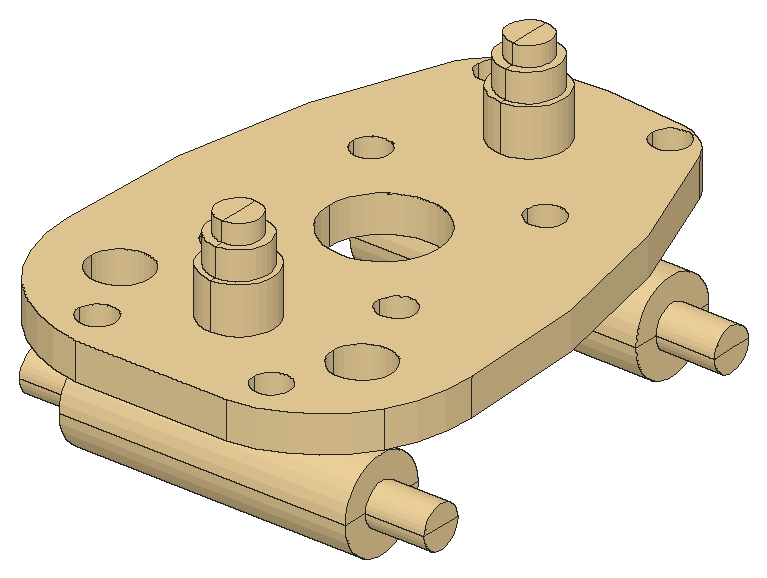
Revit family "Diverter_Rough_In Valve-American_Standard-Flash-RU531_Series", category Pipe Accessories, host Face, Revit 2019
Family settings
  Host = Face
  Round Connector Dimension = Use Diameter
  Part Type = Normal
  OmniClass Number = 23.65.55.14
  OmniClass Title = Valves for Liquid Services
  Cut with Voids When Loaded = No
  Shared = Yes
Parameters (values of type "RU531 (Discrete)")
  Width = 4 7/8"
  Waste Connection = no
  WFU = 4  # constant formula
  Vent Connection = no
  URL = "https://www.americanstandard-us.com/"
  Type Comments = ""
  Product Page URL = "https://www.americanstandard-us.com/Pressure-Balance-Valves-and-Trims/Flash-3-Way-Integrated-Shower-Diverter-Rough-In-Valve-with-Pressure-Balance-Valve-Cartridge/NO-FINISH-RU531"
  Product Documentation Link = "https://americanstandard.box.com/shared/static/fvqsz4k6phqzeudrjvp9q60ltwubug4h.pdf"
  Outlet Connection Diameter = 1/2"  # constant formula
  Model = "RU531 (Discrete)"
  Material = "Metal-American Standard-Brass"
  Manufacturer = "American Standard"
  Installation Type = "Recessed Wall Mounted"
  Inlet Connection Diameter = 1/2"  # constant formula
  HWFU = 3  # constant formula
  HW Connection = yes
  Finish = Metal-American Standard-Brass
  Description = "Flash® 3-Way Integrated Shower Diverter Rough-In Valve with Pressure Balance Valve Cartridge"
  Default Elevation = 0"
  Creation Date = "10/05/2022"  # constant formula
  Compliance Certifications = "These products meet or exceed the following codes and standards: ASSE 101, ASME A112.18.1, CSA B125.1"
  CWFU = 3  # constant formula
  CW Connection = yes
  Assembly Code = "D2020"
  ADA Compliant = yes
  2-Way Shared cartridge #M970720-0070A (sold separately) = no
Types (3): name | Type Comments | Model | 2-Way Shared cartridge #M970720-0070A (sold separately)
  (no name) | "" | "RU531 (Discrete)" | no
  RU531 (Discrete) | "" | "RU531 (Discrete)" | no
  RU531 (Shared) | "Note: Shared functionality requires the RU531 rough valve, plus the 3-Way Shared cartridge #M970730-0070A (sold separately)" | "RU531 (Shared)" | yes
Reference planes (in)
  plane 1 "Center (Front/Back)": y = 0
  plane 2: z = 0
  plane 3 "Center (Left/Right)": x = 0
  plane 4: z = 0
  plane 5: z = -1.4375
  plane 6: x = -2.4375
  plane 7: x = 2.4375
  plane 8: y = 2.1875
  plane 9: y = -2.1875
Forms (in)
  Extrusion 1, solid, material "Metal-American Standard-Brass" <- "Finish"
    sketch origin (0, 0, 0) x (1, 0, 0) y (0, 1, 0)
      loop
        arc (-1.47584, 2.91771) -> (-2.23977, 0.65735) -> (-2.4375, -1.72041) r 9.84503
        arc (-2.4375, -1.72041) -> (-2.37952, -2.23271) -> (-2.18137, -2.70867) r 1.83566
        arc (-2.18137, -2.70867) -> (-1.64194, -3.26071) -> (-0.9093, -3.50355) r 1.63388
        arc (-0.9093, -3.50355) -> (0, -3.54067) -> (0.9093, -3.50355) r 11.15548
        arc (0.9093, -3.50355) -> (1.64194, -3.26071) -> (2.18137, -2.70867) r 1.63388
        arc (2.18137, -2.70867) -> (2.37952, -2.23271) -> (2.4375, -1.72041) r 1.83566
        arc (2.4375, -1.72041) -> (2.23998, 0.65634) -> (1.47674, 2.91585) r 9.84503
        arc (1.47674, 2.91585) -> (1.26449, 3.17216) -> (0.95673, 3.29876) r 0.6875
        arc (0.95673, 3.29876) -> (0.0013, 3.36906) -> (-0.95428, 3.30082) r 6.62478
        arc (-0.95428, 3.30082) -> (-1.26294, 3.17445) -> (-1.47584, 2.91771) r 0.6877
      loop
        circle (-1.05245, 3.00372) r 0.2214
      loop
        circle (1.05245, 3.00372) r 0.2214
      loop
        circle (-1.05245, 1.12146) r 0.2214
      loop
        circle (1.05245, 1.12146) r 0.2214
      loop
        circle (-1.05245, -3.00372) r 0.2214
      loop
        circle (1.05245, -3.00372) r 0.2214
      loop
        circle (-1.05245, -1.12146) r 0.2214
      loop
        circle (1.05245, -1.12146) r 0.2214
      loop
        circle (1.45844, -2.14745) r 0.35818
      loop
        circle (-1.45844, -2.14745) r 0.35818
      loop
        circle (0, 0) r 0.66537
    from -0.46272 to -0.02008
  Revolve 2, solid, material "Metal-American Standard-Brass" <- "Finish"
    sketch origin (0, 0, -1.4375) x (1, 0, 0) y (0, 1, 0)
      loop
        line (-2.4375, 2.1875) -> (2.4375, 2.1875) -> (2.4375, 2.4375) -> (1.72255, 2.4375) -> (1.72255, 2.73315) -> (-1.72255, 2.73315) -> (-1.72255, 2.4375) -> (-2.4375, 2.4375) -> (-2.4375, 2.1875)
      axis (-2.4375, 2.1875) -> (2.4375, 2.1875)
    angle from 0 to 360
  Revolve 3, solid, material "Metal-American Standard-Brass" <- "Finish"
    sketch origin (0, -4.375, -1.4375) x (1, 0, 0) y (0, 1, 0)
      loop
        line (-2.4375, 2.1875) -> (2.4375, 2.1875) -> (2.4375, 2.4375) -> (1.72255, 2.4375) -> (1.72255, 2.73315) -> (-1.72255, 2.73315) -> (-1.72255, 2.4375) -> (-2.4375, 2.4375) -> (-2.4375, 2.1875)
      axis (-2.4375, 2.1875) -> (2.4375, 2.1875)
    angle from 0 to 360
  Revolve 4, solid, material "Metal-American Standard-Brass" <- "Finish"
    sketch origin (0, 2.1875, -1.5) x (0, 0, -1) y (0, 1, 0)
      loop
        line (-2.62246, 0) -> (-0.0625, 0) -> (-0.0625, 0.21097) -> (-1.5, 0.21097) -> (-1.5, 0.42194) -> (-2.05614, 0.42194) -> (-2.05614, 0.34947) -> (-2.39179, 0.34947) -> (-2.39179, 0.25) -> (-2.62246, 0.25) -> (-2.62246, 0)
      axis (-2.62246, 0) -> (-0.0625, 0)
    angle from 0 to 360
  Revolve 5, solid, material "Metal-American Standard-Brass" <- "Finish"
    sketch origin (0, -2.1875, -1.5) x (0, 0, -1) y (0, 1, 0)
      loop
        line (-2.62246, 0) -> (-0.0625, 0) -> (-0.0625, 0.21097) -> (-1.5, 0.21097) -> (-1.5, 0.42194) -> (-2.05614, 0.42194) -> (-2.05614, 0.34947) -> (-2.39179, 0.34947) -> (-2.39179, 0.25) -> (-2.62246, 0.25) -> (-2.62246, 0)
      axis (-2.62246, 0) -> (-0.0625, 0)
    angle from 0 to 360
  Revolve 6, solid, material "Metal-American Standard-Brass" <- "Finish"
    sketch origin (2.1875, -0.49121, -1.4375) x (0, 1, 0) y (-1, 0, 0)
      loop
        line (-1.69629, 2.73315) -> (-1.69629, 2.1875) -> (4.09024, 2.1875) -> (4.09024, 2.4375) -> (3.37529, 2.4375) -> (3.37529, 2.73315) -> (-1.69629, 2.73315)
      axis (-1.69629, 2.1875) -> (4.09024, 2.1875)
    angle from 0 to 360
Lines and regions (in)
  Masking region 1, detail levels medium+fine
    outline origin (0, 0, 0) x (1, 0, 0) y (0, 0, 1)
      loop
        line (-2.43823, 0) -> (-2.43823, -0.46272) -> (-0.21124, -0.46272) -> (-0.21124, -0.89192) -> (-1.72255, -0.89192) -> (-1.72255, -1.1875) -> (-2.43823, -1.1875) -> (-2.43823, -1.6875) -> (-1.72255, -1.6875) -> (-1.72255, -1.98308) -> (1.72255, -1.98308) -> (1.72255, -1.6875) -> (2.43823, -1.6875) -> (2.43823, -1.1875) -> (1.72255, -1.1875) -> (1.72255, -0.89192) -> (0.21124, -0.89192) -> (0.21124, -0.46272) -> (2.43823, -0.46272) -> (2.43823, 0) -> (-2.43823, 0)
  Masking region 2
    outline origin (0, 0, 0) x (1, 0, 0) y (0, 0, 1)
      loop
        line (0.25, 1.12246) -> (-0.25, 1.12246) -> (-0.25, 0.89179) -> (-0.34947, 0.89179) -> (-0.34947, 0.55614) -> (-0.42308, 0.55614) -> (-0.42308, 0) -> (0.42308, 0) -> (0.42308, 0.55614) -> (0.34947, 0.55614) -> (0.34947, 0.89179) -> (0.25, 0.89179) -> (0.25, 1.12246)
  symbolic lines, detail levels fine
    curve 1: line (0.34947, 0, 0.89179) -> (-0.25, 0, 0.89179)
  symbolic lines, detail levels medium+fine
    curve 2: line (0.34947, 0, 0.55614) -> (-0.42194, 0, 0.55614)
Dimensions and locks (in)
  plane 6 to plane 7 = 4 7/8"
  aligned and locked: plane 2 to host face
Connectors (in)
  piping at (2.4375, -2.1875, -1.4375), diameter 0.5, driven by "Inlet Connection Diameter", driven by "CWFU"
    settings: on Revolve 3, index 1, connector inside diameter 24", connector length 0", flow factor 0, pipe flow 0 GPM, pressure drop 0.00 psi, fitting loss kfactor 0, connector angle 0.00°, fixture units 3, engagement length 0", angle of deflection 0.00°, flow configuration 3, flow direction 1, fitting loss method 0, system type 20, joint type 0, gender type 0, connector reference index -1, connector utility 0, adjustable connector no, is connector primary yes, connector description "1/2\" OD CW Inlet Connection"
  piping at (-2.4375, 2.1875, -1.4375), diameter 0.5, driven by "Outlet Connection Diameter"
    settings: on Revolve 2, index 2, connector inside diameter 24", connector length 0", flow factor 0, pipe flow 0 GPM, pressure drop 0.00 psi, fitting loss kfactor 0, connector angle 0.00°, fixture units 0, engagement length 0", angle of deflection 0.00°, flow configuration 0, flow direction 2, fitting loss method 0, system type 29, joint type 0, gender type 0, connector reference index -1, connector utility 0, adjustable connector no, is connector primary no, connector description "1/2\" OD Outlet Connection 1"
  piping at (-2.4375, -2.1875, -1.4375), diameter 0.5, driven by "Inlet Connection Diameter", driven by "HWFU"
    settings: on Revolve 3, index 3, connector inside diameter 24", connector length 0", flow factor 0, pipe flow 0 GPM, pressure drop 0.00 psi, fitting loss kfactor 0, connector angle 0.00°, fixture units 3, engagement length 0", angle of deflection 0.00°, flow configuration 3, flow direction 1, fitting loss method 0, system type 19, joint type 0, gender type 0, connector reference index -1, connector utility 0, adjustable connector no, is connector primary no, connector description "1/2\" OD HW Inlet Connection"
  piping at (0, 3.59903, -1.4375), diameter 0.5, driven by "Outlet Connection Diameter"
    settings: on Revolve 6, index 4, connector inside diameter 24", connector length 0", flow factor 0, pipe flow 0 GPM, pressure drop 0.00 psi, fitting loss kfactor 0, connector angle 0.00°, fixture units 0, engagement length 0", angle of deflection 0.00°, flow configuration 0, flow direction 2, fitting loss method 0, system type 29, joint type 0, gender type 0, connector reference index -1, connector utility 0, adjustable connector no, is connector primary no, connector description "1/2\" OD Outlet Connection 2"
  piping at (2.4375, 2.1875, -1.4375), diameter 0.5, driven by "Outlet Connection Diameter"
    settings: on Revolve 2, index 5, connector inside diameter 24", connector length 0", flow factor 0, pipe flow 0 GPM, pressure drop 0.00 psi, fitting loss kfactor 0, connector angle 0.00°, fixture units 0, engagement length 0", angle of deflection 0.00°, flow configuration 0, flow direction 2, fitting loss method 0, system type 29, joint type 0, gender type 0, connector reference index -1, connector utility 0, adjustable connector no, is connector primary no, connector description "1/2\" OD Outlet Connection 3"
